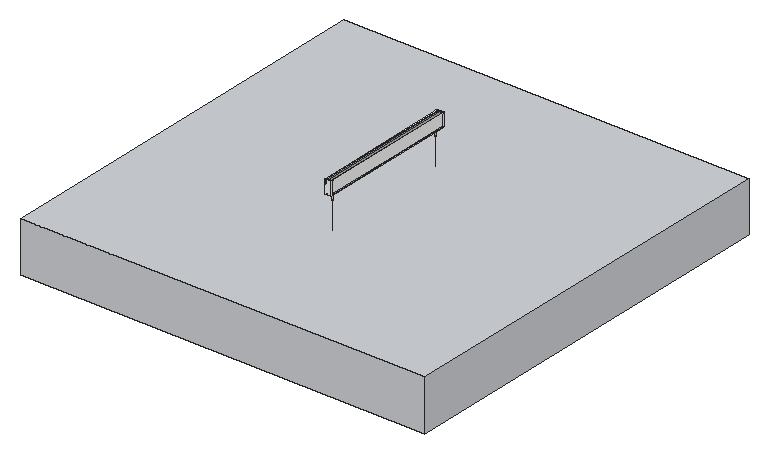
Revit family "LAMP_FIL 35 1400MM D-I OPAL COMFORT", category Luminarias, Revit 2018
Family settings
  Anfitrión = Cara
  Cota de conector redondo = Diámetro de uso
  Tipo de pieza = Normal
  Corte con vacíos al cargar = No
  Origen de luz = Sí
  Compartido = No
  Punto de cálculo de habitación = No
Parameters (values of type "2817LM 3000K  BLACK")
  Ángulo de inclinación = -90.00°
  Weight = 3.17 kg
  Wattage = 16.44 W
  Type = "MID POWER TRIDONIC"
  built-in parameter 1150107 = 3000 (stored number, unit not read)
  NOT COVER 2 [instance] = not(END COVER 2)  # no
  NOT COVER 1 [instance] = not(END COVER 1)  # no
  Indirect light = LAMP_FIL 35 1400MM D-I OPAL COMFORT_I : 3000K
  END COVER 2 [instance] = yes
  END COVER 1 [instance] = yes
  Suspension distance [instance] = if(Suspension > 4000 mm, 4000 mm, if(Suspension < 1 mm, 1 mm, Suspension))  # 200 mm
  Suspension [instance] = 200 mm
  built-in parameter 1150110 = 1 (stored number, unit not read)
  built-in parameter 1150109 = 1 (stored number, unit not read)
  built-in parameter 1150112 = 1 (stored number, unit not read)
  built-in parameter 1150113 = 1 (stored number, unit not read)
  built-in parameter 1114218 = 1 (stored number, unit not read)
  Protection rating = "IP20 / IK07"
  Product datasheet = "http://www.lamp.es/product-files/TECH/F31SF140LOIO830DG-EN.pdf"
  Product code = "F31SF140LOIO830DG"
  Product URL = "https://www.lamp.es/en/family/fil-35_413911"
  Power Supply = "220-240V 50/60Hz"
  Power = 23 W
  Plum = 27.4 W
  Photobiological risk = ""
  built-in parameter 1150137 = (empty or 0)
  built-in parameter 1150132 = 2
  Modelo = Product code  # "F31SF140LOIO830DG"
  Model Explanation = ""
  Material suspension = LAMP_Acero genérico
  Material perfil = LAMP_Aluminio Perfil Fil NG
  Material difusor = LAMP_PC Difusor Opal Fil
  Manufacturer name = "LAMP"
  Manufacturer country = "Spain"
  Manufacturer URL = "http://www.lamp.es/en"
  MacAdam = "3"
  Longitud de línea de emisión = 840 mm
  Last update = "14/05/2021"
  Lamp = "MID-POWER LED"
  LED Lifetime = "50.000 L90 B10"
  built-in parameter 1150105 = 134.49 (stored number, unit not read)
  built-in parameter 1150102 = (empty or 0)
  Insulation class = "I"
  Installation instructions = "https://www.lamp.es/product-files/INS/1004590-A%20INSTR.%20FIL35.pdf"
  built-in parameter 1150106 = 1.3449 (stored number, unit not read)
  IEE = "A+"
  Gear = "Electronic"
  Lumens = 1690.03 lm
  Finish = "Gloss grey"
  Color Filter = 16777215
  built-in parameter 1114217 = 1 (stored number, unit not read)
  built-in parameter 1150139 = (empty or 0)
  Fabricante = Manufacturer name  # "LAMP"
  Default Elevation = 1219.2 mm
  built-in parameter 1150104 = 9.5504 (stored number, unit not read)
  Efficacy = 102.8 lm/W
  Dimensions = "1400x35x80"
  Descripción = "FIL35 SUR 1400 2000 WW D/I OPAL DALI GR."
  built-in parameter 1150115 = 1 (stored number, unit not read)
  built-in parameter 1150114 = 1 (stored number, unit not read)
  built-in parameter 1150138 = (empty or 0)
  built-in parameter 1150134 = 3
  Dimming Lamp Color Temperature Shift = (empty or 0)
  CRI = "80"
  Archivo de red fotométrica = "F31SF140LOIC830NB_D.IES"
  built-in parameter 1150133 = 10 (stored number, unit not read)
Types (12, lengths in mm): name | built-in parameter 1150107 | Indirect light | Product datasheet | Product code | Modelo | Material perfil | built-in parameter 1150105 | built-in parameter 1150106 | Lumens | Finish | built-in parameter 1150104 | Efficacy | Descripción | Archivo de red fotométrica
  2668LM 3000K DALI BLACK | 3000 (stored number, unit not read) | LAMP_FIL 35 1400MM D-I OPAL COMFORT_I : 3000K | "http://www.lamp.es/product-files/TECH/F31SF140LOIC830NB-EN.pdf" | "F31SF140LOIC830NB" | "F31SF140LOIC830NB" | LAMP_Aluminio Perfil Fil NG | 127.38 (stored number, unit not read) | 1.2738 (stored number, unit not read) | 1600.76 lm | "Matte black RAL 9011" | 9.046 (stored number, unit not read) | 97.4 lm/W | "FIL35 SUR 1400 2000 WW D/I COMF BK." | "F31SF140LOIC830NB_D.IES"
  2668LM 3000K DALI GREY | 3000 (stored number, unit not read) | LAMP_FIL 35 1400MM D-I OPAL COMFORT_I : 3000K | "http://www.lamp.es/product-files/TECH/F31SF140LOIC830NG-EN.pdf" | "F31SF140LOIC830NG" | "F31SF140LOIC830NG" | LAMP_Aluminio Perfil Fil GR | 127.38 (stored number, unit not read) | 1.2738 (stored number, unit not read) | 1600.76 lm | "Gloss grey" | 9.046 (stored number, unit not read) | 97.4 lm/W | "FIL35 SUR 1400 2000 WW D/I COMF GR." | "F31SF140LOIC830NB_D.IES"
  2668LM 3000K DALI WHITE | 3000 (stored number, unit not read) | LAMP_FIL 35 1400MM D-I OPAL COMFORT_I : 3000K | "http://www.lamp.es/product-files/TECH/F31SF140LOIO830DB-EN.pdf" | "F31SF140LOIO830DB" | "F31SF140LOIO830DB" | LAMP_Aluminio Perfil Fil BL | 134.49 (stored number, unit not read) | 1.3449 (stored number, unit not read) | 1690.03 lm | "Matte black RAL 9011" | 9.5504 (stored number, unit not read) | 102.8 lm/W | "FIL35 SUR 1400 2000 WW D/I OPAL DALI BK." | "F31SF140LOIC830NB_D.IES"
  2817LM 3000K  BLACK | 3000 (stored number, unit not read) | LAMP_FIL 35 1400MM D-I OPAL COMFORT_I : 3000K | "http://www.lamp.es/product-files/TECH/F31SF140LOIO830DG-EN.pdf" | "F31SF140LOIO830DG" | "F31SF140LOIO830DG" | LAMP_Aluminio Perfil Fil NG | 134.49 (stored number, unit not read) | 1.3449 (stored number, unit not read) | 1690.03 lm | "Gloss grey" | 9.5504 (stored number, unit not read) | 102.8 lm/W | "FIL35 SUR 1400 2000 WW D/I OPAL DALI GR." | "F31SF140LOIC830NB_D.IES"
  2817LM 3000K  GREY | 3000 (stored number, unit not read) | LAMP_FIL 35 1400MM D-I OPAL COMFORT_I : 3000K | "http://www.lamp.es/product-files/TECH/F31SF140LOIO830DW-EN.pdf" | "F31SF140LOIO830DW" | "F31SF140LOIO830DW" | LAMP_Aluminio Perfil Fil GR | 134.49 (stored number, unit not read) | 1.3449 (stored number, unit not read) | 1690.03 lm | "Matte white RAL 9010" | 9.5504 (stored number, unit not read) | 102.8 lm/W | "FIL35 SUR 1400 2000 WW D/I OPAL DALI WH." | "F31SF140LOIC830NB_D.IES"
  2817LM 3000K  WHITE | 3000 (stored number, unit not read) | LAMP_FIL 35 1400MM D-I OPAL COMFORT_I : 3000K | "http://www.lamp.es/product-files/TECH/F31SF140LOIO830NW-EN.pdf" | "F31SF140LOIO830NW" | "F31SF140LOIO830NW" | LAMP_Aluminio Perfil Fil BL | 134.49 (stored number, unit not read) | 1.3449 (stored number, unit not read) | 1690.03 lm | "Matte white RAL 9010" | 9.5504 (stored number, unit not read) | 102.8 lm/W | "FIL35 SUR 1400 2000 WW D/I OPAL WH." | "F31SF140LOIC830NB_D.IES"
  2966LM 4000K DALI BLACK | 4000 (stored number, unit not read) | LAMP_FIL 35 1400MM D-I OPAL COMFORT_I : 4000K | "http://www.lamp.es/product-files/TECH/F31SF140LOIO840DB-EN.pdf" | "F31SF140LOIO840DB" | "F31SF140LOIO840DB" | LAMP_Aluminio Perfil Fil NG | 141.62 (stored number, unit not read) | 1.4162 (stored number, unit not read) | 1779.63 lm | "Matte black RAL 9011" | 10.057 (stored number, unit not read) | 108.2 lm/W | "FIL35 SUR 1400 2000 NW D/I OPAL DALI BK." | "F31SF140LOIO840NB_D.IES"
  2966LM 4000K DALI GREY | 4000 (stored number, unit not read) | LAMP_FIL 35 1400MM D-I OPAL COMFORT_I : 4000K | "http://www.lamp.es/product-files/TECH/F31SF140LOIO840DG-EN.pdf" | "F31SF140LOIO840DG" | "F31SF140LOIO840DG" | LAMP_Aluminio Perfil Fil GR | 141.62 (stored number, unit not read) | 1.4162 (stored number, unit not read) | 1779.63 lm | "Gloss grey" | 10.057 (stored number, unit not read) | 108.2 lm/W | "FIL35 SUR 1400 2000 NW D/I OPAL DALI GR." | "F31SF140LOIO840NB_D.IES"
  2966LM 4000K DALI WHITE | 4000 (stored number, unit not read) | LAMP_FIL 35 1400MM D-I OPAL COMFORT_I : 4000K | "http://www.lamp.es/product-files/TECH/F31SF140LOIO840DW-EN.pdf" | "F31SF140LOIO840DW" | "F31SF140LOIO840DW" | LAMP_Aluminio Perfil Fil BL | 141.62 (stored number, unit not read) | 1.4162 (stored number, unit not read) | 1779.63 lm | "Matte white RAL 9010" | 10.057 (stored number, unit not read) | 108.2 lm/W | "FIL35 SUR 1400 2000 NW D/I OPAL DALI WH." | "F31SF140LOIO840NB_D.IES"
  2966LM 4000K  BLACK | 4000 (stored number, unit not read) | LAMP_FIL 35 1400MM D-I OPAL COMFORT_I : 4000K | "http://www.lamp.es/product-files/TECH/F31SF140LOIO840NB-EN.pdf" | "F31SF140LOIO840NB" | "F31SF140LOIO840NB" | LAMP_Aluminio Perfil Fil NG | 141.55 (stored number, unit not read) | 1.4155 (stored number, unit not read) | 1778.81 lm | "Matte black RAL 9011" | 10.052 (stored number, unit not read) | 108.2 lm/W | "FIL35 SUR 1400 2000 NW D/I OPAL BK." | "F31SF140LOIO840NB_D.IES"
  2966LM 4000K  GREY | 4000 (stored number, unit not read) | LAMP_FIL 35 1400MM D-I OPAL COMFORT_I : 4000K | "http://www.lamp.es/product-files/TECH/F31SF140LOIO840NG-EN.pdf" | "F31SF140LOIO840NG" | "F31SF140LOIO840NG" | LAMP_Aluminio Perfil Fil GR | 141.62 (stored number, unit not read) | 1.4162 (stored number, unit not read) | 1779.63 lm | "Gloss grey" | 10.057 (stored number, unit not read) | 108.2 lm/W | "FIL35 SUR 1400 2000 NW D/I OPAL GR." | "F31SF140LOIO840NB_D.IES"
  2966LM 4000K  WHITE | 4000 (stored number, unit not read) | LAMP_FIL 35 1400MM D-I OPAL COMFORT_I : 4000K | "http://www.lamp.es/product-files/TECH/F31SF140LOIO840NW-EN.pdf" | "F31SF140LOIO840NW" | "F31SF140LOIO840NW" | LAMP_Aluminio Perfil Fil BL | 141.62 (stored number, unit not read) | 1.4162 (stored number, unit not read) | 1779.63 lm | "Matte white RAL 9010" | 10.057 (stored number, unit not read) | 108.2 lm/W | "FIL35 SUR 1400 2000 NW D/I OPAL WH." | "F31SF140LOIO840NB_D.IES"
Reference planes
  plane 1 "Centro (Frontal/Posterior)": y = 0
  plane 2: z = 0
  plane 3 "Centro (Izquierda/Derecha)": x = 0
Forms (mm)
  Extrusion 1, solid
    sketch origin (0, 0, 0) x (1, 0, 0) y (0, 1, 0)
      loop
        line (-1219.2, 1219.2) -> (-1219.2, -1219.2) -> (1219.2, -1219.2) -> (1219.2, 1219.2) -> (-1219.2, 1219.2)
    from 0 to -304.8
  Extrusion 2, solid, material "LAMP_Aluminio Perfil Fil NG" <- "Material perfil"
    sketch origin (0, 0, 0) x (1, 0, 0) y (0, 0, 1)
      loop
        arc (17.75, 285.7) -> (16.75, 286.7) -> (15.75, 285.7) r 1
        line (15.75, 285.7) -> (15.75, 284.2) -> (13.95, 284.2) -> (13.95, 259) -> (0, 259) -> (-13.95, 259) -> (-13.95, 284.2) -> (-15.75, 284.2) -> (-15.75, 285.7)
        arc (-15.75, 285.7) -> (-16.75, 286.7) -> (-17.75, 285.7) r 1
        line (-17.75, 285.7) -> (-17.75, 206.5) -> (-16.75, 206.5) -> (-16.75, 209.7) -> (-12.5, 209.7) -> (-12.5, 207.7) -> (-14.8, 207.7) -> (-13.6, 206.5) -> (-11, 206.5) -> (-11, 214.5) -> (0, 214.5) -> (11, 214.5) -> (11, 206.5) -> (13.6, 206.5) -> (14.8, 207.7) -> (12.5, 207.7) -> (12.5, 209.7) -> (16.75, 209.7) -> (16.75, 206.5) -> (17.75, 206.5) -> (17.75, 285.7)
    from -420 to 420
  Extrusion 3, solid, material "LAMP_Acero genérico" <- "Material suspension"
    sketch origin (0, 0, 0) x (1, 0, 0) y (0, 0, 1)
      loop
        line (-12.5, 201) -> (-15.291, 208.272) -> (-13.251, 209.7) -> (-14.251, 209.7) -> (-16.291, 208.272) -> (-13.116, 200) -> (0, 200) -> (13.116, 200) -> (16.291, 208.272) -> (14.251, 209.7) -> (13.251, 209.7) -> (15.291, 208.272) -> (12.5, 201) -> (0, 201) -> (-12.5, 201)
    from -400 to -378
  Extrusion 4, solid, material "LAMP_Acero genérico" <- "Material suspension"
    sketch origin (0, -24, 0) x (1, 0, 0) y (0, 1, 0)
      loop
        circle (0, -365) r 5
    from 163.2 to 200
  Extrusion 5, solid, material "LAMP_Acero genérico" <- "Material suspension"
    sketch origin (0, 24, 0) x (1, 0, 0) y (0, 1, 0)
      loop
        circle (0, 365) r 5
    from 163.2 to 200
  Extrusion 6, solid, material "LAMP_Acero genérico" <- "Material suspension"
    sketch origin (0, 0, 0) x (1, 0, 0) y (0, 1, 0)
      loop
        circle (0, -389) r 1
    from 0 to 163.2
  Extrusion 7, solid, material "LAMP_Acero genérico" <- "Material suspension"
    sketch origin (0, 0, 0) x (1, 0, 0) y (0, 1, 0)
      loop
        circle (0, 389) r 1
    from 0 to 163.2
  Extrusion 8, solid, material "LAMP_PC Difusor Opal Fil" <- "Material difusor"
    sketch origin (0, 0, -200) x (1, 0, 0) y (0, 0, 1)
      loop
        line (-15.75, 484.2) -> (0, 484.2) -> (15.75, 484.2) -> (15.75, 486.7) -> (0, 486.7) -> (-15.75, 486.7) -> (-15.75, 484.2)
    from 420 to -420
  Extrusion 9, solid, material "LAMP_Acero genérico" <- "Material suspension"
    sketch origin (0, 0, 0) x (1, 0, 0) y (0, 0, -1)
      loop
        line (-12.5, -201) -> (0, -201) -> (12.5, -201) -> (15.291, -208.272) -> (13.251, -209.7) -> (14.251, -209.7) -> (16.291, -208.272) -> (13.116, -200) -> (0, -200) -> (-13.116, -200) -> (-16.291, -208.272) -> (-14.251, -209.7) -> (-13.251, -209.7) -> (-15.291, -208.272) -> (-12.5, -201)
    from -400 to -378
  Extrusion 10, solid, material "LAMP_PC Difusor Opal Fil" <- "Material difusor"
    sketch origin (0, 0, 0) x (1, 0, 0) y (0, 0, 1)
      loop
        line (-11, 214.5) -> (-11, 206.5) -> (-7.529, 206.5) -> (11, 206.5) -> (11, 214.5) -> (10, 214.5) -> (10, 207.5) -> (-10, 207.5) -> (-10, 214.5) -> (-11, 214.5)
    from 420 to -420
Lines and regions (mm)
  reference lines
    curve 1: line (0, -445.47, 200) -> (0, 544.53, 200)
Text (mm)
  text "Any modification of the parameters and properties of the LAMP BIM models must be executed and validated by the LAMP technical department.\nPhone: +34 93 736 68 00\nE-mail: lamp@lamp.es\n\nLAMP reserves the right to modify the technical specifications of its products." at (3279.264, 5298.162, -2684.539), in view "Preview"
Dimensions and locks
  "Suspension distance": level to curve 1
  locked: Extrusion 4 to Extrusion 4 at 36.8
  locked: Extrusion 5 to Extrusion 5 at 36.8
  aligned and locked: plane 2 to Extrusion 1
  aligned and locked: level to Extrusion 1
  aligned and locked: curve 1 to Extrusion 9
  aligned and locked: curve 1 to Extrusion 3
  aligned and locked: Extrusion 4 to curve 1
  aligned and locked: Extrusion 5 to curve 1
  aligned and locked: Extrusion 6 to Extrusion 4
  aligned and locked: Extrusion 7 to Extrusion 5
  aligned and locked: Extrusion 2 to Extrusion 9
  aligned and locked: Extrusion 10 to Extrusion 2
  aligned and locked: Extrusion 8 to Extrusion 2
  aligned and locked: imposter light to Extrusion 8
  aligned and locked: Extrusion 2 to nested 1
  aligned and locked: nested 2 to Extrusion 2
Automatic sketch dimensions
  Extrusion 1 sketch curve to Extrusion 1 sketch curve = 2438.4 mm  (x2)
  Extrusion 4 sketch curve to plane 3 "Centro (Izquierda/Derecha)" = 0 mm
  plane 1 "Centro (Frontal/Posterior)" to Extrusion 4 sketch curve = 389 mm
  Extrusion 5 sketch curve to plane 3 "Centro (Izquierda/Derecha)" = 0 mm
  plane 1 "Centro (Frontal/Posterior)" to Extrusion 5 sketch curve = 389 mm
  Extrusion 6 sketch curve to plane 3 "Centro (Izquierda/Derecha)" = 0 mm
  plane 1 "Centro (Frontal/Posterior)" to Extrusion 6 sketch curve = 389 mm
  Extrusion 7 sketch curve to plane 3 "Centro (Izquierda/Derecha)" = 0 mm
  plane 1 "Centro (Frontal/Posterior)" to Extrusion 7 sketch curve = 389 mm
  Extrusion 10 sketch curve to plane 3 "Centro (Izquierda/Derecha)" = 11 mm
  Extrusion 10 sketch curve to Extrusion 10 sketch curve = 1 mm  (x3)
  Extrusion 10 sketch curve to Extrusion 10 sketch curve = 2.471 mm
  plane 3 "Centro (Izquierda/Derecha)" to Extrusion 10 sketch curve = 10 mm
  level to Extrusion 10 sketch curve = 206.5 mm
  Extrusion 10 sketch curve to Extrusion 10 sketch curve = 7 mm  (x2)
  Extrusion 2 sketch curve to plane 3 "Centro (Izquierda/Derecha)" = 0 mm  (x2)
  Extrusion 2 sketch curve to Extrusion 2 sketch curve = 11 mm
  Extrusion 2 sketch curve to Extrusion 2 sketch curve = 1.5 mm  (x4)
  Extrusion 2 sketch curve to Extrusion 2 sketch curve = 1.1 mm  (x2)
  Extrusion 2 sketch curve to plane 3 "Centro (Izquierda/Derecha)" = 13.95 mm
  Extrusion 2 sketch curve to Extrusion 2 sketch curve = 1.2 mm  (x4)
  Extrusion 2 sketch curve to Extrusion 2 sketch curve = 1.8 mm  (x2)
  Extrusion 2 sketch curve to Extrusion 2 sketch curve = 1 mm  (x3)
  plane 3 "Centro (Izquierda/Derecha)" to Extrusion 2 sketch curve = 11 mm
  plane 3 "Centro (Izquierda/Derecha)" to Extrusion 2 sketch curve = 13.95 mm
  Extrusion 2 sketch curve to Extrusion 2 sketch curve = 1.95 mm
  level to Extrusion 2 sketch curve = 206.5 mm
  Extrusion 2 sketch curve to Extrusion 2 sketch curve = 0 mm  (x3)
  Extrusion 2 sketch curve to Extrusion 2 sketch curve = 2 mm  (x2)
  Extrusion 2 sketch curve to Extrusion 2 sketch curve = 4.8 mm
  Extrusion 2 sketch curve to Extrusion 2 sketch curve = 44.5 mm
  Extrusion 2 sketch curve to Extrusion 2 sketch curve = 25.2 mm
  Extrusion 2 sketch curve to Extrusion 2 sketch curve = 26.7 mm
  Extrusion 8 sketch curve to plane 3 "Centro (Izquierda/Derecha)" = 0 mm  (x2)
  Extrusion 8 sketch curve to Extrusion 8 sketch curve = 15.75 mm
  plane 3 "Centro (Izquierda/Derecha)" to Extrusion 8 sketch curve = 15.75 mm
  level to Extrusion 8 sketch curve = 284.2 mm
  Extrusion 9 sketch curve to plane 3 "Centro (Izquierda/Derecha)" = 0 mm  (x2)
  Extrusion 9 sketch curve to Extrusion 9 sketch curve = 12.5 mm
  Extrusion 9 sketch curve to Extrusion 9 sketch curve = 0.616 mm  (x2)
  Extrusion 9 sketch curve to Extrusion 9 sketch curve = 0.751 mm  (x2)
  Extrusion 9 sketch curve to Extrusion 9 sketch curve = 1 mm  (x5)
  Extrusion 9 sketch curve to Extrusion 9 sketch curve = 1.04 mm  (x2)
  plane 3 "Centro (Izquierda/Derecha)" to Extrusion 9 sketch curve = 12.5 mm
  level to Extrusion 9 sketch curve = 209.7 mm
  Extrusion 9 sketch curve to Extrusion 9 sketch curve = 0 mm  (x3)
  Extrusion 9 sketch curve to Extrusion 9 sketch curve = 1.428 mm  (x2)
  Extrusion 9 sketch curve to Extrusion 9 sketch curve = 7.272 mm
  Extrusion 3 sketch curve to plane 3 "Centro (Izquierda/Derecha)" = 0 mm  (x2)
  Extrusion 3 sketch curve to Extrusion 3 sketch curve = 12.5 mm
  Extrusion 3 sketch curve to Extrusion 3 sketch curve = 0.616 mm  (x2)
  Extrusion 3 sketch curve to Extrusion 3 sketch curve = 0.751 mm  (x2)
  Extrusion 3 sketch curve to Extrusion 3 sketch curve = 1 mm  (x5)
  Extrusion 3 sketch curve to Extrusion 3 sketch curve = 1.04 mm  (x2)
  plane 3 "Centro (Izquierda/Derecha)" to Extrusion 3 sketch curve = 12.5 mm
  level to Extrusion 3 sketch curve = 200 mm
  Extrusion 3 sketch curve to Extrusion 3 sketch curve = 7.272 mm  (x2)
  Extrusion 3 sketch curve to Extrusion 3 sketch curve = 0 mm  (x2)
  Extrusion 3 sketch curve to Extrusion 3 sketch curve = 1.428 mm  (x2)
  Extrusion 8 sketch curve to Extrusion 8 sketch curve = 2.5 mm
  plane 1 "Centro (Frontal/Posterior)" to curve 1 = 445.47 mm
  curve 1 to plane 1 "Centro (Frontal/Posterior)" = 544.53 mm
  radius of Extrusion 4 sketch curve = 5 mm
  radius of Extrusion 5 sketch curve = 5 mm
  radius of Extrusion 6 sketch curve = 1 mm
  radius of Extrusion 7 sketch curve = 1 mm
Nested families
  nested 1: "LAMP_FIL 35 END COVER SURFACE" at (0, -421.4, 206.5), visible <- "END COVER 1", type "Blanco"
  nested 2: "LAMP_FIL 35 END COVER SURFACE" at (0, 421.4, 206.5), visible <- "END COVER 2", type "Blanco"
  nested 3: "LAMP_FIL 35 1400MM D-I OPAL COMFORT_I" at (0, 0.041, -1293.5), type "3000K"
Connectors
  electrical at (0, 389, 200)
    settings: on Extrusion 5, index 1, voltage 230 V, apparent load 0 VA, apparent load phase1 0 VA, apparent load phase2 0 VA, apparent load phase3 0 VA, power factor 1, load classification "Otro", number of poles 1, system type 31, power factor state 1, is connector primary yes, connector utility no, sub classification motor no, connector description ""
Definition of nested family "LAMP_FIL 35 END COVER SURFACE"
  Parameters (values of type "Blanco")
    Material tapa = none
  Reference planes
    plane 1 "Centro (Frontal/Posterior)": y = 0
    plane 2: z = 0
    plane 3 "Centro (Izquierda/Derecha)": x = 0
  Forms (mm)
    Extrusion 1, solid, material <- "Material tapa"
      sketch origin (0, 0, 0) x (0, -1, 0) y (0, 0, 1)
        loop
          line (0, 0) -> (1.4, 0) -> (1.4, 80.5) -> (-1.4, 80.5) -> (-1.4, 0) -> (0, 0)
      from -17.8 to 17.8
  Dimensions and locks
    aligned and locked: level to plane 2
Definition of nested family "LAMP_FIL 35 1400MM D-I OPAL COMFORT_I"
  Parameters (values of type "3000K")
    Tilt Angle = -90.00°
    Wattage = 10.96 W
    built-in parameter 1150110 = 1 (stored number, unit not read)
    built-in parameter 1114217 = 1 (stored number, unit not read)
    built-in parameter 1150109 = 1 (stored number, unit not read)
    built-in parameter 1150134 = (empty or 0)
    built-in parameter 1150113 = 1 (stored number, unit not read)
    Lumens = 1067.18 lm
    built-in parameter 1150115 = 1 (stored number, unit not read)
    built-in parameter 1150105 = 170.84 (stored number, unit not read)
    built-in parameter 1150137 = (empty or 0)
    built-in parameter 1150139 = (empty or 0)
    built-in parameter 1150112 = 1 (stored number, unit not read)
    built-in parameter 1150114 = 1 (stored number, unit not read)
    built-in parameter 1150132 = 2
    built-in parameter 1150102 = (empty or 0)
    built-in parameter 1150138 = (empty or 0)
    built-in parameter 1150107 = 3000 (stored number, unit not read)
    built-in parameter 1150106 = 1.7084 (stored number, unit not read)
    built-in parameter 1150104 = 9.046 (stored number, unit not read)
    Dimming Lamp Color Temperature Shift = (empty or 0)
    Color Filter = 16777215
    built-in parameter 1114218 = 1 (stored number, unit not read)
    Photometric Web File = "F31SF140LOIC830NB_I.IES"
    built-in parameter 1150133 = 10 (stored number, unit not read)
  Types (3, lengths in mm): name | built-in parameter 1150134 | Lumens | built-in parameter 1150105 | built-in parameter 1150107 | built-in parameter 1150106 | built-in parameter 1150104 | Photometric Web File
    (no name) | (empty or 0) | 1067.18 lm | 170.84 (stored number, unit not read) | 3000 (stored number, unit not read) | 1.7084 (stored number, unit not read) | 9.046 (stored number, unit not read) | "F31SF140LOIC830NB_I.IES"
    3000K | (empty or 0) | 1067.18 lm | 170.84 (stored number, unit not read) | 3000 (stored number, unit not read) | 1.7084 (stored number, unit not read) | 9.046 (stored number, unit not read) | "F31SF140LOIC830NB_I.IES"
    4000K | 12 | 1186.97 lm | 94.456 (stored number, unit not read) | 4000 (stored number, unit not read) | 0.94456 (stored number, unit not read) | 10.061 (stored number, unit not read) | "F31SF140LOIO840NB_I.IES"
  Reference planes
    plane 1 "Eje de origen de luz (F/P)": y = 0
    plane 2: z = 0
    plane 3 "Eje de origen de luz (I/D)": x = 0
    plane 4 "Elevación de origen de luz": z = 1500
  Dimensions and locks
    aligned and locked: plane 3 "Eje de origen de luz (I/D)" to imposter light
    aligned and locked: plane 1 "Eje de origen de luz (F/P)" to imposter light
    aligned and locked: plane 4 "Elevación de origen de luz" to imposter light
    aligned and locked: level to plane 2
